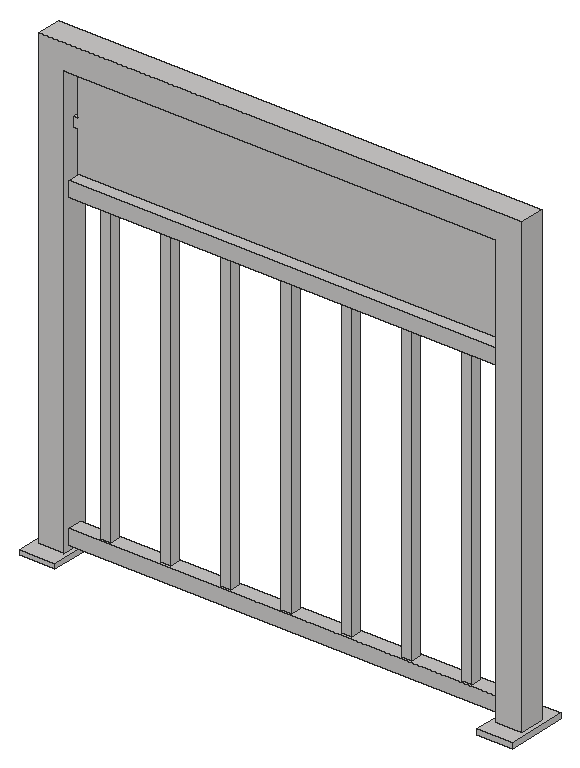
Revit family "Bicycle-Racks_Custom-LC_Huntco_LC", category Site, host Face, Revit 2026
Family settings
  Host = Face
  Round Connector Dimension = Use Diameter
  Part Type = Normal
  Cut with Voids When Loaded = No
  Shared = No
Parameters
  rodcalc = (Unit Width - (0' 11")) / 0' 5 1/2"  # 6.7273
  holediameter = if(Surface Mounted, 0' 0 1/2", 0' 6")  # 0' - 0 1/2"
  holedepth = if(Surface Mounted, 0' 4", 1' 0")  # 0' - 4"
  extralength = if(Surface Mounted, 0' 0", 0' 11")  # 0' - 0"
  Warranty Duration (Years) = 0
  Unit Width = 4' - 0"
  Unit Weight = 0
  Unit Height = 3' - 10"
  Unit Depth = 0' - 2 1/2"
  URL = "http://www.huntco.com/"
  Test Data = ""
  Surface Mounted = yes
  Specification = "http://www.arcat.com/sdspecs/htm/02871hco.htm"
  SpecWizard = ""
  Send Message = "http://www.arcat.com/users.pl?action=UserEmail&company=Huntco+Supply+LLC&coid=39482&rep=133&fax=503-274-2055&mf="
  Sales Information = ""
  Revision = "R1_11_2012"
  Product Properties = ""
  Product Data = "http://www.arcat.com/arcatcos/cos39/arc39482.html"
  Post = Metal - Steel - Huntco - Stainless
  Plate = Metal - Steel - Huntco - Stainless
  Pipe = Metal - Steel - Huntco - Stainless
  No of Rods = rodcalc  # 7
  Model = "As Specified"
  Manufacturer Website = "http://www.huntco.com/"
  Manufacturer Phone - Toll Free = "800-547-5909"
  Manufacturer Phone = "503-224-8700"
  Manufacturer Fax = "503-274-2055"
  Manufacturer Address = "Huntco Supply LLC P. O. Box 10385 Portland, OR 97296"
  Manufacturer = "Huntco Supply LLC"
  Maintenance Schedule (Months) = 0
  Keynote = "02871"
  Installation-Fabrication = ""
  Installation Phase = ""
  Green Building-LEED = "http://www.arcat.com/green/clients/leed_data_39482.html"
  Expected Lifespan (Years) = 0
  Embedded Mounted = not(Surface Mounted)  # no
  Drawn By = "Sumex Design, Inc. / Robert S. Weygant, CSI, CDT, SCIP"
  Description = "Huntco Product as Specified"
  Default Elevation = 4' - 0"
  Copyright = "©Arcat Inc."
  Construction Details = "http://www.arcat.com/details/huntcosu/huntcosu.html?coid=39482"
  Capacity = "Bike Capacity as Specified"
  Building Codes = ""
  Assembly Code = "G2040500"
Reference planes (in)
  plane 1 "Center (Front/Back)": y = 0
  plane 2: z = 0
  plane 3 "Center (Left/Right)": x = 0
  plane 4: y = 1.25
  plane 5: y = -1.25
  plane 6: x = 24
  plane 7: z = 46
  plane 8: x = -24
  plane 9: z = 0
  plane 10: z = -4
Forms (in)
  Extrusion 1, solid, material "Metal - Steel - Huntco - Stainless" <- "Post"
    sketch origin (0, 0, 0) x (0, 1, 0) y (0, 0, 1)
      loop
        line (0.75, 33.5) -> (-0.75, 33.5) -> (-0.75, 32) -> (0.75, 32) -> (0.75, 33.5)
      loop
        line (0.75, 2.5) -> (-0.75, 2.5) -> (-0.75, 1) -> (0.75, 1) -> (0.75, 2.5)
    from -21.5 to 21.5
  Extrusion 2, solid, material "Metal - Steel - Huntco - Stainless" <- "Post", visible <- "Surface Mounted"
    sketch origin (0, 0, 0) x (1, 0, 0) y (0, 1, 0)
      loop
        line (24.5, 3) -> (21, 3) -> (21, -3) -> (24.5, -3) -> (24.5, 3)
      loop
        line (-24.5, 3) -> (-24.5, -3) -> (-21, -3) -> (-21, 3) -> (-24.5, 3)
    from 0 to 0.5
  Extrusion 3, solid, material "Metal - Steel - Huntco - Stainless" <- "Plate"
    sketch origin (0, 0, 0) x (1, 0, 0) y (0, 0, 1)
      loop
        line (-21, 34) -> (21, 34) -> (21, 38) -> (21.5, 38) -> (21.5, 39) -> (21, 39) -> (21, 43) -> (-21, 43) -> (-21, 39) -> (-21.5, 39) -> (-21.5, 38) -> (-21, 38) -> (-21, 34)
    from -0.125 to 0.125
  Sweep 4, solid, material "Metal - Steel - Huntco - Stainless" <- "Post"
    path origin (0, 0, 0) x (1, 0, 0) y (0, 0, 1)
      loop
        line (-24, 0) -> (-24, 46) -> (24, 46) -> (24, 0)
    profile origin (-24, 0, 23) x (-1, 0, 0) y (0, -1, 0)
      loop
        line (0, 1.25) -> (-2.5, 1.25) -> (-2.5, -1.25) -> (0, -1.25) -> (0, 1.25)
  Extrusion 5, void
    sketch origin (0, 0, 0) x (1, 0, 0) y (0, 1, 0)
      loop
        circle (-22.75, 0) r 0.25
      loop
        circle (22.75, 0) r 0.25
    from -4 to 1
Dimensions and locks (in)
  "Unit Height": plane 7 to level
  equal spacing: plane 4, plane 1 "Center (Front/Back)", plane 5
  "Unit Depth": plane 4 to plane 5
  locked: Extrusion 2 sketch curve to Extrusion 2 sketch curve at 3.5  (x2)
  locked: plane 6 to Extrusion 2 sketch curve at 0.5
  locked: Extrusion 3 sketch curve to Extrusion 3 sketch curve at 0.5
  equal spacing: group 1, group 3, group 4, group 5, group 6, group 7, group 2  (x3)
  equal spacing: plane 8, plane 3 "Center (Left/Right)", plane 6
  "Unit Width": plane 8 to plane 6
  locked: Extrusion 2 sketch curve to plane 8 at 0.5
  locked: Extrusion 1 to plane 8 at 2.5
  locked: Extrusion 3 sketch curve to plane 8 at 2.5
  locked: plane 6 to Extrusion 1 at 2.5
  "extralength": host face to plane 9
  "holedepth": host face to plane 10
  locked: plane 8 to Extrusion 5 sketch curve at 1.25
  locked: Extrusion 5 sketch curve to plane 6 at 1.25
  "holediameter": Extrusion 5 sketch curve to Extrusion 5 sketch curve  (x2)
  aligned and locked: plane 2 to host face
  aligned and locked: level to host face
  aligned and locked: Extrusion 3 sketch curve to Extrusion 3 sketch curve  (x2)
  aligned and locked: plane 6 to nested 2
  aligned and locked: plane 8 to Sweep 4 sketch curve
  aligned and locked: Sweep 4 sketch curve to plane 7
  aligned and locked: Sweep 4 sketch curve to plane 6
  aligned and locked: plane 8 to nested 1
  aligned and locked: plane 9 to Sweep 4 sketch curve  (x2)
  aligned and locked: Extrusion 5 to plane 10
Automatic sketch dimensions
  host sketch curve to host sketch curve = 8' - 0"  (x2)
  plane 1 "Center (Front/Back)" to Extrusion 1 sketch curve = 0' - 0 3/4"  (x2)
  Extrusion 1 sketch curve to plane 1 "Center (Front/Back)" = 0' - 0 3/4"  (x2)
  level to Extrusion 1 sketch curve = 0' - 1"
  Extrusion 1 sketch curve to Extrusion 1 sketch curve = 0' - 1 1/2"  (x2)
  Extrusion 1 sketch curve to plane 7 = 1' - 2"
  Extrusion 3 sketch curve to plane 7 = 1' - 0"
  Extrusion 3 sketch curve to Extrusion 3 sketch curve = 0' - 4"  (x2)
  Extrusion 3 sketch curve to Extrusion 3 sketch curve = 0' - 1"  (x2)
  Extrusion 3 sketch curve to plane 7 = 0' - 3"
  plane 1 "Center (Front/Back)" to Sweep 4 sketch curve = 0' - 1 1/4"
  profile plane to Sweep 4 sketch curve = 0' - 2 1/2"
  Sweep 4 sketch curve to plane 1 "Center (Front/Back)" = 0' - 1 1/4"
  Sweep 4 sketch curve to Sweep 4 sketch curve = 0' - 2 1/2"
  Extrusion 3 sketch curve to plane 6 = 0' - 3"
  Extrusion 3 sketch curve to Extrusion 3 sketch curve = 0' - 0 1/2"
  plane 1 "Center (Front/Back)" to Extrusion 2 sketch curve = 0' - 3"  (x2)
  Extrusion 2 sketch curve to plane 1 "Center (Front/Back)" = 0' - 3"  (x2)
  Extrusion 5 sketch curve to plane 1 "Center (Front/Back)" = 0' - 0"  (x2)
Nested families (in)
  nested 1: "Square Rod" at (-24, 0, 0), type "Square Rod"
  nested 2: "Square Rod" at (12, 0, 0), type "Square Rod"
  nested 3: "Square Rod" at (-18, 0, 0), type "Square Rod"
  nested 4: "Square Rod" at (-12, 0, 0), type "Square Rod"
  nested 5: "Square Rod" at (-6, 0, 0), type "Square Rod"
  nested 6: "Square Rod" at (0, 0, 0), type "Square Rod"
  nested 7: "Square Rod" at (6, 0, 0), type "Square Rod"
Definition of nested family "Square Rod"
  Parameters
    Warranty Duration (Years) = 0
    Unit Width = 0' - 0"
    Unit Weight = 0
    Unit Length = 8' - 0"
    Unit Depth = 3' - 10"
    URL = "http://www.huntco.com/"
    Test Data = ""
    Specification = "http://www.arcat.com/sdspecs/htm/02871hco.htm"
    SpecWizard = ""
    Send Message = "http://www.arcat.com/users.pl?action=UserEmail&company=Huntco+Supply+LLC&coid=39482&rep=133&fax=503-274-2055&mf="
    Sales Information = ""
    Rod = none
    Revision = "R1_11_2012"
    Product Properties = ""
    Product Data = "http://www.arcat.com/arcatcos/cos39/arc39482.html"
    Model = "As Specified"
    Manufacturer Website = "http://www.huntco.com/"
    Manufacturer Phone - Toll Free = "800-547-5909"
    Manufacturer Phone = "503-224-8700"
    Manufacturer Fax = "503-274-2055"
    Manufacturer Address = "Huntco Supply LLC P. O. Box 10385 Portland, OR 97296"
    Manufacturer = "Huntco Supply LLC"
    Maintenance Schedule (Months) = 0
    Keynote = "02871"
    Installation-Fabrication = ""
    Installation Phase = ""
    Green Building-LEED = "http://www.arcat.com/green/clients/leed_data_39482.html"
    Expected Lifespan (Years) = 0
    Drawn By = "Sumex Design, Inc. / Robert S. Weygant, CSI, CDT, SCIP"
    Description = "Huntco Product as Specified"
    Default Elevation = 4' - 0"
    Copyright = "©Arcat Inc."
    Construction Details = "http://www.arcat.com/details/huntcosu/huntcosu.html?coid=39482"
    Capacity = "Bike Capacity as Specified"
    Building Codes = ""
    Assembly Code = "G2040500"
  Reference planes (in)
    plane 1 "Center (Front/Back)": y = 0
    plane 2: z = 0
    plane 3 "Center (Left/Right)": x = 0
    plane 4: y = 10
    plane 5: y = -10
    plane 6: x = 96
    plane 7: z = 46
    plane 8: x = 12
  Forms (in)
    Extrusion 1, solid
      sketch origin (0, 0, 0) x (1, 0, 0) y (0, 1, 0)
        loop
          line (-48, 48) -> (-48, -48) -> (48, -48) -> (48, 48) -> (-48, 48)
      from 0 to -12
    Extrusion 2, solid, material <- "Rod"
      sketch origin (0, 0, 0) x (1, 0, 0) y (0, 1, 0)
        loop
          line (5.5, 0.5) -> (5.5, -0.5) -> (6.5, -0.5) -> (6.5, 0.5) -> (5.5, 0.5)
      from 2.5 to 32
  Dimensions and locks (in)
    "Unit Depth": plane 7 to level
    equal spacing: plane 4, plane 1 "Center (Front/Back)", plane 5
    plane 4 to plane 5 = 1' - 8"
    "Unit Length": plane 3 "Center (Left/Right)" to plane 6
    aligned and locked: plane 2 to Extrusion 1
    aligned and locked: level to Extrusion 1
  Automatic sketch dimensions
    Extrusion 1 sketch curve to Extrusion 1 sketch curve = 8' - 0"  (x2)
    plane 3 "Center (Left/Right)" to Extrusion 2 sketch curve = 0' - 5 1/2"
    Extrusion 2 sketch curve to Extrusion 2 sketch curve = 0' - 1"  (x2)
    plane 5 to Extrusion 2 sketch curve = 0' - 9 1/2"
